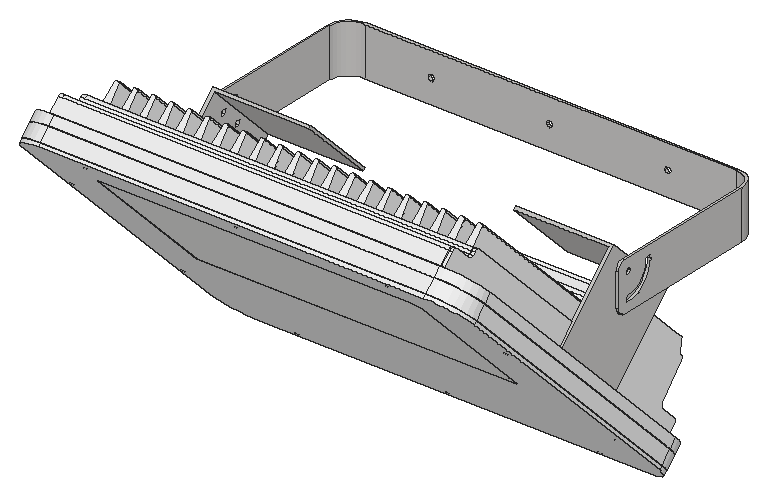
Revit family "FT ATEX LED MAX_2021", category Luminarias, Revit 2021 (continued)
Types (12, lengths in mm): name | Wattage | Power | Position | Archivo de red fotométrica | built-in parameter 1150142 | Modules | Lumens | built-in parameter 1150105 | built-in parameter 1150106 | Equiv MH
    567\r\n2192.0092\t2001.1396\t1794.0318\t1601.4529\t1407.6633\t1205.1848\t1010.042\t795.8835\t569.76\t341.0726\r\n161.3133\t82.3303\t62.4599\t53.3438\t48.7145\t44.3701\t40.3817\t37.9603\t34.8978\t32.6188\r\n30.8383\t29.0578\t26.9924\t25.0694\t23.5738\t22.8616\t0\t0\t0\t0\r\n0\t0\t0\t0\t0\t0\t0\t0\t0\t0\r\n0\t0\t0\t0\t0\t0\t0\t0\t0\t0\r\n0\t0\t0\t0\t0\t0\t0\t0\t0\t0\r\n0\t0\t0\t0\t0\t0\t0\t0\t0\t0\r\n0\r\n4124.8487\t4140.4459\t4150.5592\t4151.4138\t4135.8878\t4105.1208\t4065.0952\t4010.1845\t3938.466\t3841.5356\r\n3718.0401\t3580.0157\t3413.5746\t3230.1831\t3064.2405\t2910.5477\t2768.179\t2634.9263\t2501.3176\t2357.0971\r\n2190.3711\t1999.2878\t1795.1713\t1597.5358\t1404.8857\t1198.9887\t1004.4157\t794.8152\t574.8878\t348.7643\r\n164.447\t86.2474\t64.4541\t54.6257\t49.5691\t44.9398\t41.3076\t38.6725\t35.4676\t33.1173\r\n31.3368\t29.5563\t27.6334\t25.7816\t24.4285\t23.3602\t0\t0\t0\t0\r\n0\t0\t0\t0\t0\t0\t0\t0\t0\t0\r\n0\t0\t0\t0\t0\t0\t0\t0\t0\t0\r\n0\t0\t0\t0\t0\t0\t0\t0\t0\t0\r\n0\t0\t0\t0\t0\t0\t0\t0\t0\t0\r\n0\r\n4123.0682\t4139.3776\t4148.2801\t4149.4196\t4135.603\t4107.7559\t4067.303\t4016.7368\t3948.0095\t3850.5805\r\n3726.4441\t3586.7816\t3423.5454\t3237.3763\t3070.864\t2918.0971\t2774.5888\t2641.4074\t2506.0181\t2363.0796\r\n2191.0833\t2002.2791\t1800.2992\t1604.2305\t1408.5179\t1204.4014\t1011.8225\t805.1421\t593.1202\t370.4864\r\n178.6198\t92.0162\t67.5166\t56.335\t50.9223\t45.7945\t43.373\t39.4559\t35.7524\t33.4022\r\n31.6217\t29.77\t27.9182\t25.7816\t24.4997\t23.645\t0\t0\t0\t0\r\n0\t0\t0\t0\t0\t0\t0\t0\t0\t0\r\n0\t0\t0\t0\t0\t0\t0\t0\t0\t0\r\n0\t0\t0\t0\t0\t0\t0\t0\t0\t0\r\n0\t0\t0\t0\t0\t0\t0\t0\t0\t0\r\n0\r\n4122.8546\t4140.4459\t4147.4967\t4147.8528\t4133.2527\t4107.6135\t4068.3713\t4016.167\t3946.7987\t3847.0195\r\n3722.6694\t3581.5826\t3420.1981\t3235.3109\t3069.0122\t2917.5273\t2776.1556\t2640.1966\t2502.8845\t2355.3878\r\n2185.172\t1998.9317\t1798.3762\t1601.5954\t1405.8116\t1196.7809\t1009.045\t803.6465\t589.9153\t375.4718\r\n181.611\t93.7255\t69.2258\t57.5458\t51.8482\t47.5037\t46.6491\t39.812\t36.3222\t34.1856\r\n32.1914\t30.1973\t28.4168\t26.3514\t24.927\t24.0011\t0\t0\t0\t0\r\n0\t0\t0\t0\t0\t0\t0\t0\t0\t0\r\n0\t0\t0\t0\t0\t0\t0\t0\t0\t0\r\n0\t0\t0\t0\t0\t0\t0\t0\t0\t0\r\n0\t0\t0\t0\t0\t0\t0\t0\t0\t0\r\n0\r\n4122.7121\t4140.9445\t4148.2801\t4147.7816\t4132.6117\t4108.8242\t4070.5791\t4019.087\t3945.3743\t3847.0195\r\n3723.8801\t3586.4255\t3424.4\t3242.7178\t3076.1342\t2924.2932\t2782.7791\t2646.8913\t2507.585\t2361.584\r\n2188.0921\t2005.5552\t1805.2846\t1603.2334\t1412.7199\t1203.4043\t1015.526\t812.6202\t599.6012\t384.7304\r\n191.1545\t96.0758\t70.2229\t58.258\t52.4891\t48.0023\t47.3613\t39.6695\t35.8237\t33.7583\r\n31.6929\t29.77\t27.6334\t25.7816\t24.286\t23.645\t0\t0\t0\t0\r\n0\t0\t0\t0\t0\t0\t0\t0\t0\t0\r\n0\t0\t0\t0\t0\t0\t0\t0\t0\t0\r\n0\t0\t0\t0\t0\t0\t0\t0\t0\t0\r\n0\t0\t0\t0\t0\t0\t0\t0\t0\t0\r\n0\r\n4123.9941\t4141.9415\t4147.8528\t4145.1464\t4129.3356\t4104.9071\t4066.4483\t4013.247\t3938.0387\t3837.7609\r\n3713.6245\t3577.7367\t3415.2127\t3235.9519\t3071.4337\t2920.2337\t2779.4317\t2640.98\t2501.6025\t2351.542\r\n2183.6764\t2004.9142\t1801.9372\t1599.9573\t1403.3901\t1197.4219\t1007.3357\t806.6377\t592.9065\t379.0328\r\n187.5223\t91.2328\t68.6561\t57.7594\t51.7769\t47.5037\t45.3671\t38.1739\t34.8266\t32.9036\r\n30.8383\t28.9865\t26.9924\t25.2831\t23.7163\t22.8616\t0\t0\t0\t0\r\n0\t0\t0\t0\t0\t0\t0\t0\t0\t0\r\n0\t0\t0\t0\t0\t0\t0\t0\t0\t0\r\n0\t0\t0\t0\t0\t0\t0\t0\t0\t0\r\n0\t0\t0\t0\t0\t0\t0\t0\t0\t0\r\n0\r\n4123.9229\t4141.7279\t4148.9923\t4143.5796\t4129.1932\t4105.3345\t4065.7361\t4012.7485\t3934.905\t3835.9092\r\n3713.2684\t3576.7396\t3417.0644\t3240.5812\t3075.7069\t2923.5098\t2783.9186\t2642.7605\t2503.8815\t2356.4561\r\n2186.1691\t2006.8372\t1807.0651\t1604.3017\t1407.236\t1205.4697\t1012.7484\t816.3236\t602.5924\t388.0066\r\n192.4364\t87.1021\t65.9497\t56.5487\t50.5662\t45.5096\t41.2364\t35.8949\t32.8324\t31.0519\r\n29.2714\t27.5621\t25.7816\t23.9299\t22.5055\t22.007\t0\t0\t0\t0\r\n0\t0\t0\t0\t0\t0\t0\t0\t0\t0\r\n0\t0\t0\t0\t0\t0\t0\t0\t0\t0\r\n0\t0\t0\t0\t0\t0\t0\t0\t0\t0\r\n0\t0\t0\t0\t0\t0\t0\t0\t0\t0\r\n0\r\n4123.2819\t4140.3747\t4147.1406\t4141.3006\t4125.4185\t4100.6339\t4060.1098\t4005.5552\t3926.1449\t3823.8018\r\n3702.5141\t3565.2732\t3407.8058\t3232.5334\t3068.5849\t2918.4532\t2777.2951\t2636.7068\t2495.1927\t2347.981\r\n2183.9613\t2004.9142\t1800.5128\t1596.3963\t1398.1198\t1198.9175\t1004.843\t809.4153\t595.8265\t385.9412\r\n186.8101\t81.3332\t62.4599\t54.7682\t49.0706\t42.9457\t37.1056\t33.8295\t31.7641\t30.1261\r\n28.6304\t27.0636\t25.4255\t23.645\t22.1494\t21.2948\t0\t0\t0\t0\r\n0\t0\t0\t0\t0\t0\t0\t0\t0\t0\r\n0\t0\t0\t0\t0\t0\t0\t0\t0\t0\r\n0\t0\t0\t0\t0\t0\t0\t0\t0\t0\r\n0\t0\t0\t0\t0\t0\t0\t0\t0\t0\r\n0\r\n4123.2107\t4140.4459\t4147.4967\t4142.4401\t4125.6322\t4100.6339\t4061.1068\t4006.1962\t3927.9254\t3823.8018\r\n3701.4458\t3564.7034\t3407.7346\t3233.6729\t3071.2201\t2920.3761\t2779.7166\t2640.0542\t2499.0386\t2354.3195\r\n2186.5964\t2008.6889\t1807.2787\t1600.7407\t1404.8857\t1205.6122\t1011.7513\t817.6768\t603.5895\t396.4817\r\n195.6413\t80.4074\t61.1068\t53.9135\t48.4296\t41.8061\t35.5388\t32.9036\t31.0519\t29.4851\r\n28.0607\t26.4226\t24.7133\t22.9328\t21.7933\t21.1523\t0\t0\t0\t0\r\n0\t0\t0\t0\t0\t0\t0\t0\t0\t0\r\n0\t0\t0\t0\t0\t0\t0\t0\t0\t0\r\n0\t0\t0\t0\t0\t0\t0\t0\t0\t0\r\n0\t0\t0\t0\t0\t0\t0\t0\t0\t0\r\n0\r\n4123.3531\t4140.802\t4148.2801\t4140.9445\t4123.4956\t4094.8651\t4056.7624\t4000.7835\t3922.3703\t3814.8281\r\n3690.6204\t3554.4478\t3392.5647\t3219.7138\t3059.1839\t2908.8385\t2771.099\t2631.2941\t2489.5663\t2344.7048\r\n2183.7476\t2003.7747\t1801.5099\t1595.969\t1400.8974\t1201.9087\t1002.1366\t808.8455\t594.5446\t390.5705\r\n193.1486\t79.9801\t60.7507\t53.9135\t48.572\t42.2335\t36.0373\t33.1885\t31.2656\t29.6987\r\n28.2031\t26.6363\t24.927\t23.3602\t22.1494\t21.1523\t0\t0\t0\t0\r\n0\t0\t0\t0\t0\t0\t0\t0\t0\t0\r\n0\t0\t0\t0\t0\t0\t0\t0\t0\t0\r\n0\t0\t0\t0\t0\t0\t0\t0\t0\t0\r\n0\t0\t0\t0\t0\t0\t0\t0\t0\t0\r\n0\r\n4123.0682\t4140.9445\t4148.6362\t4141.1581\t4120.9316\t4090.948\t4054.1273\t3998.7181\t3918.1683\t3812.9764\r\n3686.3472\t3547.6106\t3386.4398\t3215.7254\t3055.338\t2908.6248\t2770.7429\t2633.0034\t2492.4151\t2346.9839\r\n2183.1779\t2005.1991\t1807.0651\t1602.0939\t1406.4526\t1203.7604\t1005.1991\t812.6202\t600.5983\t396.7666\r\n202.4072\t83.5411\t62.2463\t54.4833\t48.9994\t43.9427\t37.889\t34.2568\t31.6217\t29.77\r\n28.2031\t26.6363\t25.0694\t23.4314\t22.2919\t21.5084\t0\t0\t0\t0\r\n0\t0\t0\t0\t0\t0\t0\t0\t0\t0\r\n0\t0\t0\t0\t0\t0\t0\t0\t0\t0\r\n0\t0\t0\t0\t0\t0\t0\t0\t0\t0\r\n0\t0\t0\t0\t0\t0\t0\t0\t0\t0\r\n0\r\n4123.7092\t4141.5854\t4148.9923\t4140.161\t4116.9433\t4086.3187\t4045.7233\t3989.0322\t3907.3429\t3800.5129\r\n3673.0291\t3531.9422\t3367.5665\t3199.4873\t3042.4472\t2900.4345\t2763.6921\t2627.7331\t2486.2902\t2338.3663\r\n2179.8305\t2001.0683\t1804.0026\t1603.5183\t1407.0223\t1199.4872\t998.5044\t802.4357\t588.9894\t385.5139\r\n195.214\t84.4669\t62.9585\t54.9106\t49.5691\t45.9369\t40.0969\t35.8949\t32.9749\t31.1944\r\n29.2714\t27.7046\t26.209\t24.4997\t23.2177\t22.5767\t0\t0\t0\t0\r\n0\t0\t0\t0\t0\t0\t0\t0\t0\t0\r\n0\t0\t0\t0\t0\t0\t0\t0\t0\t0\r\n0\t0\t0\t0\t0\t0\t0\t0\t0\t0\r\n0\t0\t0\t0\t0\t0\t0\t0\t0\t0\r\n0\r\n4121.6438\t4138.9503\t4146.7133\t4138.0957\t4114.4506\t4080.9772\t4036.3935\t3978.9902\t3898.013\t3792.3938\r\n3666.8329\t3524.1793\t3358.0942\t3193.5048\t3040.2394\t2898.5116\t2763.336\t2629.3\t2488.9966\t2343.8502\r\n2178.3349\t2001.7093\t1805.5694\t1606.3671\t1414.8565\t1207.4639\t1006.0537\t806.2104\t591.4821\t381.1694\r\n193.8608\t86.3186\t63.8843\t55.1955\t49.5691\t46.1506\t41.3788\t36.9632\t34.0432\t32.2627\r\n30.2685\t28.5592\t26.9212\t25.0694\t23.7163\t23.5738\t0\t0\t0\t0\r\n0\t0\t0\t0\t0\t0\t0\t0\t0\t0\r\n0\t0\t0\t0\t0\t0\t0\t0\t0\t0\r\n0\t0\t0\t0\t0\t0\t0\t0\t0\t0\r\n0\t0\t0\t0\t0\t0\t0\t0\t0\t0\r\n0\r\n4123.3531\t4139.5913\t4145.9299\t4135.5317\t4110.035\t4073.2142\t4024.1437\t3963.4642\t3882.772\t3777.1527\r\n3652.2328\t3507.5138\t3342.2834\t3181.8959\t3029.0578\t2890.1076\t2757.1399\t2622.7477\t2483.5838\t2339.2921\r\n2176.7681\t1998.7181\t1803.7177\t1607.7203\t1415.996\t1206.6805\t1003.561\t797.0942\t576.0274\t360.4444\r\n180.4715\t83.8972\t63.0297\t54.6257\t49.213\t46.3642\t42.2335\t37.6042\t34.8978\t33.2597\r\n31.2656\t29.5563\t27.847\t25.9241\t24.4997\t24.6421\t0\t0\t0\t0\r\n0\t0\t0\t0\t0\t0\t0\t0\t0\t0\r\n0\t0\t0\t0\t0\t0\t0\t0\t0\t0\r\n0\t0\t0\t0\t0\t0\t0\t0\t0\t0\r\n0\t0\t0\t0\t0\t0\t0\t0\t0\t0\r\n0\r\n4122.997\t4138.1669\t4144.0069\t4132.6117\t4105.9754\t4065.38\t4013.9592\t3951.1432\t3871.2343\t3763.977\r\n3642.6181\t3500.1781\t3336.2297\t3175.6998\t3025.9241\t2888.612\t2754.8608\t2621.3945\t2487.0024\t2343.0668\r\n2179.6881\t2001.2108\t1810.0563\t1615.9818\t1427.1064\t1218.7166\t1013.1045\t804.5723\t573.962\t351.6844\r\n176.5544\t84.7518\t63.3146\t54.3409\t48.7145\t44.7262\t42.3759\t37.5329\t34.969\t33.1885\r\n31.1231\t29.2714\t27.4909\t25.7104\t24.0011\t24.7133\t0\t0\t0\t0\r\n0\t0\t0\t0\t0\t0\t0\t0\t0\t0\r\n0\t0\t0\t0\t0\t0\t0\t0\t0\t0\r\n0\t0\t0\t0\t0\t0\t0\t0\t0\t0\r\n0\t0\t0\t0\t0\t0\t0\t0\t0\t0\r\n0\r\n4122.997\t4136.5288\t4140.8732\t4128.481\t4099.0671\t4055.9078\t4000.4274\t3934.8338\t3847.8742\t3744.5339\r\n3622.8902\t3482.2307\t3321.772\t3162.0256\t3014.2441\t2877.6441\t2745.2461\t2612.6345\t2477.4589\t2334.0218\r\n2178.7622\t2000.1425\t1808.6319\t1617.6199\t1424.3288\t1218.2181\t1012.606\t795.1713\t558.1511\t329.8198\r\n164.447\t84.182\t62.7448\t53.4862\t48.2159\t43.9427\t41.9486\t37.6042\t35.1115\t33.2597\r\n31.1944\t29.4139\t27.5621\t25.7816\t24.286\t24.1436\t0\t0\t0\t0\r\n0\t0\t0\t0\t0\t0\t0\t0\t0\t0\r\n0\t0\t0\t0\t0\t0\t0\t0\t0\t0\r\n0\t0\t0\t0\t0\t0\t0\t0\t0\t0\r\n0\t0\t0\t0\t0\t0\t0\t0\t0\t0\r\n0\r\n4123.4243\t4137.4547\t4138.8791\t4125.9883\t4094.8651\t4048.857\t3990.3854\t3921.5156\t3833.1316\t3731.2158\r\n3613.2755\t3473.6131\t3313.1544\t3158.8207\t3010.8967\t2874.7241\t2743.9642\t2611.7086\t2475.1799\t2336.8706\r\n2178.7622\t2002.2079\t1813.4036\t1623.4599\t1431.0235\t1229.1148\t1024.9982\t804.3587\t562.0682\t326.1876\r\n166.3699\t86.8884\t63.7419\t53.5574\t47.9311\t43.5154\t41.2364\t37.3193\t34.7554\t32.8324\r\n30.8383\t28.9153\t26.9212\t25.0694\t23.4314\t23.645\t0\t0\t0\t0\r\n0\t0\t0\t0\t0\t0\t0\t0\t0\t0\r\n0\t0\t0\t0\t0\t0\t0\t0\t0\t0\r\n0\t0\t0\t0\t0\t0\t0\t0\t0\t0\r\n0\t0\t0\t0\t0\t0\t0\t0\t0\t0\r\n0\r\n4122.997\t4135.0332\t4134.6771\t4120.7892\t4087.387\t4037.9603\t3976.8536\t3905.2775\t3815.6115\t3713.1971\r\n3594.1885\t3451.6061\t3292.9991\t3143.2235\t2998.2908\t2862.3318\t2733.6373\t2600.0285\t2466.9896\t2329.1077\r\n2176.0559\t1997.1512\t1809.8426\t1621.2521\t1429.7415\t1230.1831\t1021.7933\t803.0767\t555.0175\t315.5046\r\n160.6011\t86.5323\t63.5282\t53.0589\t48.0023\t43.373\t40.3817\t37.4617\t34.8266\t32.69\r\n30.767\t28.9865\t26.9212\t24.9982\t23.5738\t23.0753\t0\t0\t0\t0\r\n0\t0\t0\t0\t0\t0\t0\t0\t0\t0\r\n0\t0\t0\t0\t0\t0\t0\t0\t0\t0\r\n0\t0\t0\t0\t0\t0\t0\t0\t0\t0\r\n0\t0\t0\t0\t0\t0\t0\t0\t0\t0\r\n0\r\n4123.8517\t4133.8937\t4132.3268\t4116.6584\t4082.188\t4031.9779\t3970.3013\t3897.0872\t3806.9939\t3703.7961\r\n3583.648\t3439.5699\t3281.6039\t3133.4663\t2994.5873\t2861.6196\t2731.5719\t2600.9544\t2468.1291\t2330.5321\r\n2172.851\t1997.5786\t1812.4778\t1624.9555\t1439.7835\t1239.7265\t1033.9007\t813.4036\t570.1161\t328.1818\r\n164.447\t88.7401\t64.3117\t53.4862\t47.7886\t43.3018\t39.5983\t37.3905\t34.5417\t32.6188\r\n30.5534\t28.7017\t26.9212\t24.7846\t23.4314\t23.0753\t0\t0\t0\t0\r\n0\t0\t0\t0\t0\t0\t0\t0\t0\t0\r\n0\t0\t0\t0\t0\t0\t0\t0\t0\t0\r\n0\t0\t0\t0\t0\t0\t0\t0\t0\t0\r\n0\t0\t0\t0\t0\t0\t0\t0\t0\t0\r\n0\r\n4122.997\t4131.8995\t4128.1249\t4110.676\t4074.3538\t4022.0783\t3960.7579\t3887.4725\t3794.744\t3685.9199\r\n3564.2761\t3413.717\t3258.956\t3115.5901\t2979.6311\t2850.6517\t2722.5982\t2592.9778\t2462.0042\t2321.9857\r\n2168.649\t1992.6644\t1808.5607\t1621.1096\t1435.2967\t1237.0202\t1028.5592\t808.9168\t567.3385\t331.814\r\n164.8031\t87.1021\t63.7419\t53.415\t47.9311\t43.4442\t40.5954\t37.6754\t35.1115\t32.9036\r\n31.1944\t29.4851\t27.5621\t25.568\t24.0011\t23.3602\t0\t0\t0\t0\r\n0\t0\t0\t0\t0\t0\t0\t0\t0\t0\r\n0\t0\t0\t0\t0\t0\t0\t0\t0\t0\r\n0\t0\t0\t0\t0\t0\t0\t0\t0\t0\r\n0\t0\t0\t0\t0\t0\t0\t0\t0\t0\r\n0\r\n4123.8517\t4130.0478\t4124.4926\t4105.4769\t4067.8015\t4015.9534\t3957.2681\t3884.1251\t3790.6133\t3679.4389\r\n3552.0263\t3398.6896\t3246.2788\t3106.0466\t2970.2301\t2845.9512\t2724.3787\t2595.3992\t2464.1408\t2324.692\r\n2164.6607\t1991.5249\t1808.8456\t1626.736\t1441.0655\t1244.9968\t1037.1056\t817.748\t585.4996\t351.9692\r\n175.4149\t89.1674\t64.3117\t53.9135\t47.7886\t43.4442\t41.0939\t37.3193\t34.8978\t32.7612\r\n30.9807\t29.4851\t27.7046\t25.9241\t24.4997\t23.7875\t0\t0\t0\t0\r\n0\t0\t0\t0\t0\t0\t0\t0\t0\t0\r\n0\t0\t0\t0\t0\t0\t0\t0\t0\t0\r\n0\t0\t0\t0\t0\t0\t0\t0\t0\t0\r\n0\t0\t0\t0\t0\t0\t0\t0\t0\t0\r\n0\r\n4122.9258\t4127.2702\t4119.2224\t4098.6398\t4057.6883\t4005.9826\t3948.0095\t3874.6529\t3778.1498\t3665.6934\r\n3529.8056\t3372.7655\t3223.2035\t3088.2416\t2960.5442\t2836.1228\t2714.4079\t2589.3455\t2456.7339\t2316.0032\r\n2162.3816\t1986.0409\t1802.2221\t1621.1809\t1437.7894\t1237.1626\t1028.4168\t809.0592\t586.3543\t355.8863\r\n177.1954\t88.7401\t63.7419\t53.9135\t48.2159\t44.2988\t42.091\t37.5329\t34.969\t32.8324\r\n31.0519\t29.6987\t28.2031\t26.7787\t25.3543\t23.8587\t0\t0\t0\t0\r\n0\t0\t0\t0\t0\t0\t0\t0\t0\t0\r\n0\t0\t0\t0\t0\t0\t0\t0\t0\t0\r\n0\t0\t0\t0\t0\t0\t0\t0\t0\t0\r\n0\t0\t0\t0\t0\t0\t0\t0\t0\t0\r\n0\r\n4122.5697\t4125.7034\t4115.9462\t4092.9422\t4050.3526\t3999.2167\t3942.2407\t3867.9582\t3772.2385\t3655.5089\r\n3513.5675\t3358.9489\t3212.5918\t3079.1255\t2953.7071\t2833.7726\t2713.2683\t2589.5592\t2458.8705\t2318.4247\r\n2158.7494\t1986.0409\t1803.5041\t1621.1809\t1436.7923\t1240.9373\t1035.8237\t814.8992\t594.2597\t374.546\r\n188.2345\t91.304\t64.3117\t54.4121\t48.572\t45.2959\t42.3759\t37.3905\t34.6841\t32.6188\r\n30.3397\t28.8441\t27.4197\t25.9953\t24.9982\t23.1465\t0\t0\t0\t0\r\n0\t0\t0\t0\t0\t0\t0\t0\t0\t0\r\n0\t0\t0\t0\t0\t0\t0\t0\t0\t0\r\n0\t0\t0\t0\t0\t0\t0\t0\t0\t0\r\n0\t0\t0\t0\t0\t0\t0\t0\t0\t0\r\n0\r\n4124.1365\t4124.1365\t4112.5277\t4085.2504\t4041.5213\t3990.2429\t3932.4123\t3857.204\t3757.6384\t3635.5673\r\n3490.6346\t3337.0131\t3195.7838\t3064.5254\t2941.9558\t2824.1579\t2703.0839\t2579.8021\t2451.0363\t2308.3826\r\n2154.6899\t1981.1267\t1798.5187\t1616.4091\t1430.4537\t1232.0348\t1027.4197\t806.9938\t586.2118\t372.6943\r\n185.5993\t89.666\t63.3858\t54.056\t48.7145\t45.7945\t41.0939\t36.892\t34.328\t32.049\r\n29.77\t28.0607\t26.4938\t25.3543\t24.6421\t22.7904\t0\t0\t0\t0\r\n0\t0\t0\t0\t0\t0\t0\t0\t0\t0\r\n0\t0\t0\t0\t0\t0\t0\t0\t0\t0\r\n0\t0\t0\t0\t0\t0\t0\t0\t0\t0\r\n0\t0\t0\t0\t0\t0\t0\t0\t0\t0\r\n0\r\n4123.4243\t4121.8575\t4107.0437\t4079.8377\t4033.331\t3981.5541\t3921.943\t3845.1678\t3745.2461\t3622.1068\r\n3477.8863\t3325.333\t3186.0267\t3057.9019\t2937.8962\t2821.0954\t2701.4458\t2577.6655\t2449.8256\t2309.7358\r\n2150.6303\t1979.1326\t1799.7294\t1617.4062\t1433.9435\t1234.9548\t1033.7583\t812.1929\t591.3397\t377.8221\r\n191.3681\t90.307\t62.9585\t53.4862\t48.5008\t45.0823\t39.7408\t35.2539\t32.7612\t30.5534\r\n28.6304\t26.9212\t25.4255\t24.0011\t23.2889\t22.007\t0\t0\t0\t0\r\n0\t0\t0\t0\t0\t0\t0\t0\t0\t0\r\n0\t0\t0\t0\t0\t0\t0\t0\t0\t0\r\n0\t0\t0\t0\t0\t0\t0\t0\t0\t0\r\n0\t0\t0\t0\t0\t0\t0\t0\t0\t0\r\n0\r\n4124.1365\t4120.2907\t4102.8418\t4071.505\t4022.7905\t3970.7287\t3907.2716\t3825.155\t3723.8801\t3601.6666\r\n3456.1642\t3305.89\t3172.851\t3046.3643\t2928.9937\t2810.27\t2691.1189\t2569.8313\t2440.4245\t2300.8333\r\n2145.0752\t1975.3579\t1794.6728\t1612.7769\t1428.3883\t1230.1118\t1023.1465\t800.3704\t581.2976\t370.9138\r\n183.7476\t86.5323\t61.1068\t52.4891\t48.0735\t43.8003\t38.1739\t33.9719\t31.9066\t30.1973\r\n28.488\t26.8499\t24.9982\t23.5738\t22.3631\t21.2236\t0\t0\t0\t0\r\n0\t0\t0\t0\t0\t0\t0\t0\t0\t0\r\n0\t0\t0\t0\t0\t0\t0\t0\t0\t0\r\n0\t0\t0\t0\t0\t0\t0\t0\t0\t0\r\n0\t0\t0\t0\t0\t0\t0\t0\t0\t0\r\n0\r\n4124.1365\t4116.4448\t4097.1442\t4061.9615\t4010.968\t3956.4134\t3887.2588\t3802.1509\t3697.8136\t3577.7367\r\n3429.7415\t3286.3045\t3156.5416\t3031.693\t2913.1829\t2796.0972\t2676.6613\t2554.8038\t2426.4654\t2286.0908\r\n2131.0448\t1961.7549\t1782.8503\t1606.7232\t1417.2068\t1216.1527\t1007.9054\t785.6278\t564.6322\t357.1683\r\n174.2753\t79.2679\t55.694\t48.0735\t43.6579\t38.1027\t33.9719\t29.77\t27.847\t26.2802\r\n24.3572\t23.1465\t21.366\t19.8704\t18.6596\t17.6626\t0\t0\t0\t0\r\n0\t0\t0\t0\t0\t0\t0\t0\t0\t0\r\n0\t0\t0\t0\t0\t0\t0\t0\t0\t0\r\n0\t0\t0\t0\t0\t0\t0\t0\t0\t0\r\n0\t0\t0\t0\t0\t0\t0\t0\t0\t0\r\n0\r\n4124.1365\t4114.8067\t4092.7285\t4055.7653\t4003.9884\t3946.229\t3873.9407\t3786.3401\t3682.7862\t3564.9171\r\n3418.2039\t3279.6098\t3149.7757\t3026.5651\t2909.2658\t2792.3225\t2674.6671\t2553.237\t2424.9698\t2287.1591\r\n2130.2614\t1961.1851\t1784.3459\t1611.0676\t1421.1951\t1218.8591\t1010.4694\t790.2571\t569.2615\t362.6522\r\n179.7593\t79.4815\t55.694\t47.7174\t43.3018\t38.8861\t35.8949\t29.4139\t27.3485\t25.7104\r\n23.8587\t22.648\t21.0811\t19.3718\t18.3035\t17.4489\t0\t0\t0\t0\r\n0\t0\t0\t0\t0\t0\t0\t0\t0\t0\r\n0\t0\t0\t0\t0\t0\t0\t0\t0\t0\r\n0\t0\t0\t0\t0\t0\t0\t0\t0\t0\r\n0\t0\t0\t0\t0\t0\t0\t0\t0\t0\r\n0\r\n4124.5639\t4112.2428\t4087.387\t4047.0765\t3994.5874\t3932.4123\t3856.4918\t3767.1107\t3662.4173\t3545.6165\r\n3398.7608\t3265.1521\t3137.0986\t3014.5289\t2898.2267\t2782.6366\t2665.5509\t2543.3374\t2416.4946\t2279.681\r\n2128.6234\t1956.6983\t1781.4259\t1605.7973\t1416.3521\t1213.66\t1000.7834\t780.5712\t561.356\t350.6161\r\n171.0704\t77.6298\t54.7682\t47.3613\t43.1593\t38.7437\t38.4588\t30.6958\t27.9182\t26.209\r\n24.286\t22.7192\t21.2236\t19.6567\t18.5172\t17.4489\t0\t0\t0\t0\r\n0\t0\t0\t0\t0\t0\t0\t0\t0\t0\r\n0\t0\t0\t0\t0\t0\t0\t0\t0\t0\r\n0\t0\t0\t0\t0\t0\t0\t0\t0\t0\r\n0\t0\t0\t0\t0\t0\t0\t0\t0\t0\r\n0\r\n4123.3531\t4109.4652\t4082.5441\t4041.9487\t3989.0322\t3924.1508\t3845.9512\t3755.0033\t3650.5235\t3531.7998\r\n3386.1549\t3255.6799\t3128.6946\t3008.0479\t2892.7427\t2778.221\t2661.5626\t2542.4828\t2417.919\t2282.5298\r\n2125.7746\t1956.4134\t1784.4171\t1607.5778\t1419.3434\t1216.8649\t1006.0537\t785.8415\t565.2731\t346.8414\r\n169.646\t78.1996\t54.9106\t47.5037\t42.8744\t38.6012\t39.5983\t31.7641\t28.8441\t26.9924\r\n24.7846\t22.7904\t21.1523\t19.9416\t18.8733\t17.6626\t0\t0\t0\t0\r\n0\t0\t0\t0\t0\t0\t0\t0\t0\t0\r\n0\t0\t0\t0\t0\t0\t0\t0\t0\t0\r\n0\t0\t0\t0\t0\t0\t0\t0\t0\t0\r\n0\t0\t0\t0\t0\t0\t0\t0\t0\t0\r\n0\r\n4123.9229\t4107.5423\t4078.4845\t4036.5359\t3982.1239\t3914.7497\t3832.9892\t3738.4802\t3633.7156\t3510.7899\r\n3366.7118\t3237.7324\t3116.3735\t2995.8693\t2882.131\t2769.6034\t2654.7967\t2536.073\t2410.4409\t2274.5531\r\n2122.356\t1953.6358\t1781.6395\t1603.3046\t1414.1443\t1210.3127\t998.0771\t779.7878\t546.1862\t326.1876\r\n157.1825\t76.063\t54.3409\t47.0764\t42.6608\t38.53\t39.4559\t32.6188\t29.6987\t28.1319\r\n26.0665\t24.2148\t22.648\t21.1523\t20.084\t18.1611\t0\t0\t0\t0\r\n0\t0\t0\t0\t0\t0\t0\t0\t0\t0\r\n0\t0\t0\t0\t0\t0\t0\t0\t0\t0\r\n0\t0\t0\t0\t0\t0\t0\t0\t0\t0\r\n0\t0\t0\t0\t0\t0\t0\t0\t0\t0\r\n0\r\n4124.1365\t4105.4057\t4074.9947\t4032.9037\t3978.7765\t39
    10.1917\t3825.9384\t3729.5065\t3624.3146\t3498.6825\r\n3357.3108\t3228.8299\t3108.6818\t2991.0976\t2878.57\t2767.538\t2651.5206\t2537.1413\t2412.079\t2277.9717\r\n2125.0624\t1956.4134\t1783.2064\t1604.9427\t1418.56\t1215.9391\t1005.7688\t781.2122\t534.9334\t313.8665\r\n154.4762\t77.2025\t54.9818\t47.1476\t42.4471\t38.3876\t37.5329\t32.7612\t30.0548\t28.5592\r\n26.2802\t24.6421\t22.9328\t21.6509\t20.5826\t19.0157\t0\t0\t0\t0\r\n0\t0\t0\t0\t0\t0\t0\t0\t0\t0\r\n0\t0\t0\t0\t0\t0\t0\t0\t0\t0\r\n0\t0\t0\t0\t0\t0\t0\t0\t0\t0\r\n0\t0\t0\t0\t0\t0\t0\t0\t0\t0\r\n0\r\n4124.279\t4103.7676\t4071.4337\t4028.3456\t3974.717\t3903.6394\t3814.8281\t3715.405\t3608.4325\t3478.7409\r\n3341.5\t3215.2269\t3095.791\t2981.6965\t2869.2401\t2758.9916\t2643.8288\t2530.1617\t2405.7404\t2272.8439\r\n2123.9941\t1954.5617\t1779.2893\t1599.4588\t1412.3638\t1210.74\t998.5044\t762.1252\t508.7957\t288.7259\r\n145.5025\t76.4903\t55.0531\t47.0052\t42.4471\t38.6725\t36.4646\t33.6158\t30.9807\t29.4851\r\n26.7787\t24.927\t23.1465\t21.7933\t21.0811\t19.4431\t0\t0\t0\t0\r\n0\t0\t0\t0\t0\t0\t0\t0\t0\t0\r\n0\t0\t0\t0\t0\t0\t0\t0\t0\t0\r\n0\t0\t0\t0\t0\t0\t0\t0\t0\t0\r\n0\t0\t0\t0\t0\t0\t0\t0\t0\t0\r\n0\r\n4123.7092\t4102.8418\t4070.0806\t4026.7788\t3973.435\t3902.3575\t3813.0476\t3710.6332\t3599.7437\t3470.1945\r\n3334.5916\t3209.9566\t3092.1587\t2976.9248\t2867.4596\t2757.2111\t2643.7576\t2530.3042\t2409.9424\t2275.9063\r\n2118.8662\t1954.2056\t1781.782\t1604.1593\t1417.2068\t1216.0815\t1002.5639\t759.9174\t501.1751\t278.2565\r\n146.8556\t78.7693\t56.1926\t47.3613\t42.6608\t38.9573\t36.251\t34.328\t31.6217\t29.2714\r\n26.8499\t24.4997\t22.3631\t21.0099\t20.5826\t19.0157\t0\t0\t0\t0\r\n0\t0\t0\t0\t0\t0\t0\t0\t0\t0\r\n0\t0\t0\t0\t0\t0\t0\t0\t0\t0\r\n0\t0\t0\t0\t0\t0\t0\t0\t0\t0\r\n0\t0\t0\t0\t0\t0\t0\t0\t0\t0\r\n0\r\n4122.7121\t4099.1383\t4066.0922\t4022.0783\t3968.7345\t3896.4462\t3804.3587\t3698.8107\t3587.3514\t3457.0188\r\n3321.6296\t3198.419\t3080.5499\t2967.3813\t2858.4147\t2749.8042\t2637.7039\t2524.8914\t2402.8916\t2271.6331\r\n2121.2165\t1953.0661\t1777.58\t1601.2393\t1411.7941\t1209.2444\t992.5931\t746.1719\t483.0853\t265.1521\r\n143.081\t78.0571\t56.1926\t47.5037\t43.2305\t39.4559\t36.4646\t35.0402\t32.5475\t29.6275\r\n27.0636\t24.6421\t22.2919\t20.6538\t19.8704\t18.3035\t0\t0\t0\t0\r\n0\t0\t0\t0\t0\t0\t0\t0\t0\t0\r\n0\t0\t0\t0\t0\t0\t0\t0\t0\t0\r\n0\t0\t0\t0\t0\t0\t0\t0\t0\t0\r\n0\t0\t0\t0\t0\t0\t0\t0\t0\t0\r\n0\r\n4124.0653\t4099.5656\t4066.0922\t4021.7222\t3969.0906\t3896.5886\t3804.5012\t3697.5287\t3585.9982\t3454.7398\r\n3319.9915\t3195.2853\t3079.0543\t2967.7374\t2858.201\t2751.2286\t2639.2708\t2528.0963\t2407.0936\t2276.9034\r\n2119.0799\t1955.0602\t1781.141\t1605.1564\t1417.7765\t1214.5147\t1001.0683\t755.5018\t492.8424\t271.7755\r\n145.7161\t79.9801\t57.0472\t47.9311\t43.7291\t40.0969\t36.892\t36.0373\t32.7612\t29.129\r\n26.7787\t24.1436\t21.6509\t19.9416\t19.3718\t18.0187\t0\t0\t0\t0\r\n0\t0\t0\t0\t0\t0\t0\t0\t0\t0\r\n0\t0\t0\t0\t0\t0\t0\t0\t0\t0\r\n0\t0\t0\t0\t0\t0\t0\t0\t0\t0\r\n0\t0\t0\t0\t0\t0\t0\t0\t0\t0\r\n0\r\n4122.356\t4096.6456\t4063.3147\t4018.5885\t3963.8203\t3890.4637\t3797.1655\t3689.0536\t3574.1757\t3441.3504\r\n3311.5163\t3185.5994\t3072.2884\t2960.1169\t2851.079\t2744.3915\t2633.9293\t2524.108\t2401.8945\t2268.5707\r\n2120.2194\t1950.3597\t1777.6512\t1599.53\t1411.2955\t1208.3897\t991.9522\t752.5105\t496.3322\t277.117\r\n143.1522\t78.2708\t56.5487\t48.4296\t44.4413\t40.8091\t38.0315\t36.9632\t33.1885\t29.9836\r\n26.9924\t24.7133\t22.5055\t20.5826\t19.6567\t18.9445\t0\t0\t0\t0\r\n0\t0\t0\t0\t0\t0\t0\t0\t0\t0\r\n0\t0\t0\t0\t0\t0\t0\t0\t0\t0\r\n0\t0\t0\t0\t0\t0\t0\t0\t0\t0\r\n0\t0\t0\t0\t0\t0\t0\t0\t0\t0\r\n0\r\n4124.8487\t4097.9988\t4063.6708\t4020.369\t3965.5296\t3891.3896\t3798.4475\t3689.4097\t3573.8196\t3439.7836\r\n3311.6588\t3189.5165\t3072.0747\t2961.0427\t2854.1415\t2747.4539\t2639.9117\t2526.3871\t2405.3843\t2271.277\r\n2120.4331\t1951.428\t1781.9956\t1602.1651\t1412.1502\t1214.5859\t999.4303\t767.1818\t522.0426\t298.1269\r\n150.1318\t80.4786\t57.617\t49.4979\t45.2959\t41.5925\t40.7378\t37.6042\t33.1885\t30.2685\r\n27.4197\t24.9982\t22.7904\t21.0099\t20.1553\t19.4431\t0\t0\t0\t0\r\n0\t0\t0\t0\t0\t0\t0\t0\t0\t0\r\n0\t0\t0\t0\t0\t0\t0\t0\t0\t0\r\n0\t0\t0\t0\t0\t0\t0\t0\t0\t0\r\n0\t0\t0\t0\t0\t0\t0\t0\t0\t0\r\n0\r\n4123.0682\t4095.0788\t4060.6083\t4017.8763\t3961.9686\t3885.1934\t3790.8269\t3682.1452\t3565.5581\t3430.2401\r\n3302.8275\t3181.6111\t3067.4454\t2955.4163\t2850.2956\t2743.8929\t2634.9263\t2523.467\t2399.6155\t2265.0809\r\n2117.6555\t1950.2885\t1777.1527\t1598.7466\t1404.8857\t1206.7517\t992.237\t766.3984\t528.0963\t306.9582\r\n151.6274\t80.1225\t57.8306\t50.7086\t46.5779\t42.9457\t44.7262\t37.6042\t33.6871\t31.0519\r\n28.1319\t25.9953\t23.8587\t22.1494\t21.2236\t20.7962\t0\t0\t0\t0\r\n0\t0\t0\t0\t0\t0\t0\t0\t0\t0\r\n0\t0\t0\t0\t0\t0\t0\t0\t0\t0\r\n0\t0\t0\t0\t0\t0\t0\t0\t0\t0\r\n0\t0\t0\t0\t0\t0\t0\t0\t0\t0\r\n0\r\n4122.8546\t4095.0076\t4061.1068\t4017.5202\t3962.1823\t3885.1222\t3788.9752\t3681.9316\t3566.7688\t3432.0206\r\n3305.3914\t3183.6052\t3067.7303\t2960.9715\t2854.1415\t2747.9525\t2639.6981\t2527.7402\t2403.2477\t2271.1346\r\n2119.6496\t1951.4992\t1781.7107\t1600.9544\t1409.1589\t1207.4639\t997.0088\t772.096\t545.2603\t325.0481\r\n159.604\t82.7576\t59.255\t51.9194\t47.7174\t44.9398\t48.0735\t37.7466\t33.4734\t31.0519\r\n28.4168\t26.4226\t24.286\t22.5055\t21.7933\t21.2236\t0\t0\t0\t0\r\n0\t0\t0\t0\t0\t0\t0\t0\t0\t0\r\n0\t0\t0\t0\t0\t0\t0\t0\t0\t0\r\n0\t0\t0\t0\t0\t0\t0\t0\t0\t0\r\n0\t0\t0\t0\t0\t0\t0\t0\t0\t0\r\n0\r\n4122.7121\t4094.509\t4060.181\t4016.3095\t3959.1198\t3879.6383\t3781.5683\t3675.3793\t3561.9259\t3428.4596\r\n3300.7621\t3178.7623\t3064.3117\t2957.4105\t2852.2898\t2746.3144\t2637.7751\t2525.4612\t2401.4672\t2266.0067\r\n2117.9404\t1950.3597\t1778.7195\t1596.1826\t1399.3306\t1196.8521\t986.4682\t763.9057\t535.5032\t319.9915\r\n157.4674\t80.7635\t58.4716\t52.3467\t48.0735\t45.8657\t47.2189\t36.9632\t32.9036\t30.6958\r\n28.1319\t26.209\t24.0011\t22.2919\t21.7221\t21.0811\t0\t0\t0\t0\r\n0\t0\t0\t0\t0\t0\t0\t0\t0\t0\r\n0\t0\t0\t0\t0\t0\t0\t0\t0\t0\r\n0\t0\t0\t0\t0\t0\t0\t0\t0\t0\r\n0\t0\t0\t0\t0\t0\t0\t0\t0\t0\r\n0\r\n4123.9941\t4095.4349\t4061.9615\t4018.6597\t3959.9032\t3879.2822\t3781.9957\t3676.4476\t3564.4898\t3433.445\r\n3305.8187\t3184.0325\t3069.8669\t2963.1081\t2856.4918\t2749.8042\t2641.2649\t2529.1646\t2404.1735\t2271.1346\r\n2118.0116\t1951.7129\t1781.2122\t1599.3163\t1405.1706\t1200.4843\t991.0975\t769.3897\t543.551\t326.7574\r\n158.963\t78.7693\t57.1897\t51.7769\t47.1476\t44.8686\t43.0169\t35.0402\t30.9807\t28.488\r\n26.0665\t24.286\t22.2919\t20.9387\t20.6538\t19.5143\t0\t0\t0\t0\r\n0\t0\t0\t0\t0\t0\t0\t0\t0\t0\r\n0\t0\t0\t0\t0\t0\t0\t0\t0\t0\r\n0\t0\t0\t0\t0\t0\t0\t0\t0\t0\r\n0\t0\t0\t0\t0\t0\t0\t0\t0\t0\r\n0\r\n4123.9229\t4095.2212\t4061.5342\t4017.7339\t3956.8408\t3875.2939\t3777.7225\t3674.0261\t3562.5668\t3430.5962\r\n3304.2519\t3183.2491\t3068.0152\t2962.3247\t2854.7825\t2747.7388\t2639.1283\t2524.3929\t2400.1852\t2265.437\r\n2116.5872\t1948.6504\t1774.5887\t1593.5475\t1399.2593\t1191.7955\t982.6936\t759.7037\t535.9305\t320.7037\r\n150.5591\t72.3595\t54.3409\t49.7828\t45.2959\t42.2335\t37.1056\t31.8353\t28.4168\t26.2802\r\n24.4285\t23.0753\t21.6509\t20.2265\t19.5143\t18.3748\t0\t0\t0\t0\r\n0\t0\t0\t0\t0\t0\t0\t0\t0\t0\r\n0\t0\t0\t0\t0\t0\t0\t0\t0\t0\r\n0\t0\t0\t0\t0\t0\t0\t0\t0\t0\r\n0\t0\t0\t0\t0\t0\t0\t0\t0\t0\r\n0\r\n4123.2819\t4094.4378\t4061.6054\t4019.9417\t3957.9091\t3877.2168\t3780.9274\t3678.2281\t3568.9054\t3438.2879\r\n3310.5905\t3188.8043\t3073.4279\t2965.9569\t2860.124\t2752.5106\t2642.5469\t2529.4495\t2404.8145\t2270.1375\r\n2118.6526\t1950.2885\t1775.8707\t1595.1143\t1401.9657\t1195.1428\t986.7531\t765.8999\t545.3315\t329.2501\r\n152.6957\t69.5819\t51.9906\t48.1447\t43.373\t38.1027\t32.5475\t28.8441\t26.4226\t24.8558\r\n23.3602\t22.3631\t20.5826\t19.3718\t18.8733\t17.805\t0\t0\t0\t0\r\n0\t0\t0\t0\t0\t0\t0\t0\t0\t0\r\n0\t0\t0\t0\t0\t0\t0\t0\t0\t0\r\n0\t0\t0\t0\t0\t0\t0\t0\t0\t0\r\n0\t0\t0\t0\t0\t0\t0\t0\t0\t0\r\n0" | "2" | 6700 lm | 533.17 (stored number, unit not read) | 5.3317 (stored number, unit not read) | 70 W
